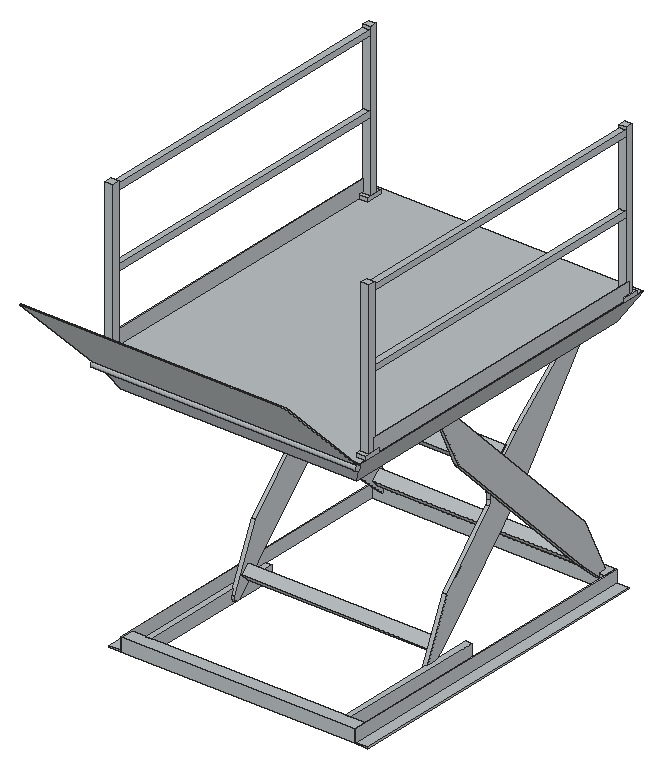
Revit family "DockEquipment_Lift_Pentalift_HED", category Specialty Equipment, Revit 2026
Family settings
  Round Connector Dimension = Use Diameter
  Part Type = Normal
  Work Plane-Based = Yes
  Enable Cutting in Views = No
  Always vertical = No
  Cut with Voids When Loaded = No
  Maintain Annotation Orientation = No
  Shared = No
  Room Calculation Point = No
Parameters
  offset [instance] = 0' - 0"
  Warranty Duration (Years) = 0
  Unit Width = 6' - 0"
  Unit Length = 8' - 0"
  Unit Height = 3' - 6"
  URL = "http://www.pentalift.com/index.php"
  Support Angle [instance] = asin((Platform Height - 0' 6 3/4") / 7' 0 97/128")  # 49.2919°
  Specification = ""
  SpecWizard = ""
  Send Message = "http://www.arcat.com/users.pl?action=UserEmail&company=Pentalift Equipment Corp.&coid=34752&rep=119&fax=519-763-2894&mf="
  Sales Information = "http://www.pentalift.com/about-us.htm"
  Revision = "R1_01-2012"
  Product Properties = ""
  Product Data = "http://www.arcat.com/arcatcos/cos34/arc34752.html"
  Platform Height [instance] = 5' - 11"
  Model = "As Specified"
  Material [instance] = Metal - Steel - Pentalift - Painted - Gray
  Manufacturer Website = "http://www.pentalift.com/index.php"
  Manufacturer Phone - Toll Free = ""
  Manufacturer Phone = "519-763-3625 "
  Manufacturer Fax = "519-763-2894"
  Manufacturer Address = "21 Nicholas Beaver Rd. Guelph, ON, Canada N1H 6H9 "
  Manufacturer = "Pentalift Equipment Corp."
  Maintenance Schedule (Months) = 0
  Lip Length [instance] = 3' - 0"
  Lip Angle [instance] = 45.00°
  Keynote = "11160"
  Installation-Fabrication = ""
  Installation Phase = ""
  Green Building-LEED = ""
  Expected Lifespan (Years) = 0
  Drawn By = "Sumex Design, Inc. / Robert S. Weygant, CSI, CDT, SCIP"
  Description = "Pentalift Dock Equipment as Specified"
  Default Elevation = 4' - 0"
  Copyright = "©Arcat Inc."
  Construction Details = "http://www.arcat.com/details/pentalif/pentalif.html?coid=34752"
  Capacity (Weight) = 0.00 kip
  Assembly Code = "E1030300"
Reference planes (in)
  plane 1 "Center (Front/Back)": y = 0
  plane 2 "Bottom": z = 0
  plane 3 "Center (Left/Right)": x = 0
  plane 4 "Front": y = -48
  plane 5 "Back": y = 48
  plane 6 "Left": x = -36
  plane 7 "Right": x = 36
  plane 8 "Top": z = 71
  plane 9: x = -35.25
  plane 10: x = 35.25
  plane 11: y = 44.25
  plane 12: y = -44.25
  plane 13: z = 1.75
  plane 14: y = 42.5
  plane 15: z = 66
Forms (in)
  Extrusion 1, solid, material "Metal - Steel - Pentalift - Painted - Gray" <- "Material"
    sketch origin (-38.56132, 44.25, 48) x (-1, 0, 0) y (0, 0, 1)
      loop
        line (-3.31132, -48) -> (-3.31132, -47.75) -> (-6.56132, -47.75) -> (-6.56132, -44.5) -> (-6.81132, -44.5) -> (-6.81132, -48) -> (-3.31132, -48)
      loop
        line (-73.81132, -48) -> (-70.31132, -48) -> (-70.31132, -44.5) -> (-70.56132, -44.5) -> (-70.56132, -47.75) -> (-73.81132, -47.75) -> (-73.81132, -48)
    from 0 to -88.5
  Extrusion 2, solid, material "Metal - Steel - Pentalift - Painted - Gray" <- "Material"
    sketch origin (-35.25, 55.3623, 48) x (0, 1, 0) y (0, 0, 1)
      loop
        line (-11.1123, -44.5) -> (-14.6123, -44.5) -> (-14.6123, -48) -> (-11.1123, -48) -> (-11.1123, -44.5)
      loop
        line (-99.6123, -44.5) -> (-99.6123, -48) -> (-96.1123, -48) -> (-96.1123, -44.5) -> (-99.6123, -44.5)
    from 3.5 to 67
  Extrusion 3, solid, material "Metal - Steel - Pentalift - Painted - Gray" <- "Material"
    sketch origin (0, 42.5, 1.75) x (0, -0.652205, 0.758042) y (0, -0.758042, -0.652205)
      loop
        line (16.26645, -5.66929) -> (84.85552, -1.31924)
        arc (84.85552, -1.31924) -> (86.07373, -0.12287) -> (85.09781, 1.27817) r 1.32296
        line (85.09781, 1.27817) -> (68.65382, 5.66929) -> (8.77413, 1.87161) -> (-0.26522, 0.76007)
        arc (-0.26522, 0.76007) -> (-1.08838, -0.09154) -> (-0.4278, -1.07463) r 0.94178
        line (-0.4278, -1.07463) -> (16.26645, -5.66929)
    from -29.75 to -28.75
  Extrusion 4, solid, material "Metal - Steel - Pentalift - Painted - Gray" <- "Material"
    sketch origin (0, 42.5, 66) x (0, -0.652205, -0.758042) y (0, 0.758042, -0.652205)
      loop
        line (40.62321, 4.0376) -> (-0.07315, 0.97061)
        arc (-0.07315, 0.97061) -> (-0.96612, 0.11853) -> (-0.3056, -0.92414) r 0.97336
        line (-0.3056, -0.92414) -> (3.2343, -2.09474) -> (30.86682, -6.61624) -> (44.13491, -7.45773) -> (46.38498, -4.9224)
        arc (46.38498, -4.9224) -> (46.93548, -4.53116) -> (47.60181, -4.42107) r 1.5
        line (47.60181, -4.42107) -> (68.55971, -5.75026) -> (85.03566, -0.96024)
        arc (85.03566, -0.96024) -> (85.75185, 0.09626) -> (84.84649, 0.99594) r 1
        line (84.84649, 0.99594) -> (76.05203, 1.79064) -> (40.62321, 4.0376)
    from -26.375 to -25.375
  Extrusion 5, solid, material "Metal - Steel - Pentalift - Painted - Gray" <- "Material"
    sketch origin (0, 42.5, 66) x (0, -0.652205, -0.758042) y (0, 0.758042, -0.652205)
      loop
        line (40.62321, 4.0376) -> (-0.07315, 0.97061)
        arc (-0.07315, 0.97061) -> (-0.96612, 0.11853) -> (-0.3056, -0.92414) r 0.97336
        line (-0.3056, -0.92414) -> (3.2343, -2.09474) -> (30.86682, -6.61624) -> (44.13491, -7.45773) -> (46.38498, -4.9224)
        arc (46.38498, -4.9224) -> (46.93548, -4.53116) -> (47.60181, -4.42107) r 1.5
        line (47.60181, -4.42107) -> (68.55971, -5.75026) -> (85.03566, -0.96024)
        arc (85.03566, -0.96024) -> (85.75185, 0.09626) -> (84.84649, 0.99594) r 1
        line (84.84649, 0.99594) -> (76.05203, 1.79064) -> (40.62321, 4.0376)
    from 25.375 to 26.375
  Extrusion 6, solid, material "Metal - Steel - Pentalift - Painted - Gray" <- "Material"
    sketch origin (0, 42.5, 1.75) x (0, -0.652205, 0.758042) y (0, -0.758042, -0.652205)
      loop
        line (16.26645, -5.66929) -> (84.85552, -1.31924)
        arc (84.85552, -1.31924) -> (86.07373, -0.12287) -> (85.09781, 1.27817) r 1.32296
        line (85.09781, 1.27817) -> (68.65382, 5.66929) -> (8.77413, 1.87161) -> (-0.26522, 0.76007)
        arc (-0.26522, 0.76007) -> (-1.08838, -0.09154) -> (-0.4278, -1.07463) r 0.94178
        line (-0.4278, -1.07463) -> (16.26645, -5.66929)
    from 28.75 to 29.75
  Extrusion 7, solid, material "Metal - Steel - Pentalift - Painted - Gray" <- "Material"
    sketch origin (0, 43.25, 66) x (0, -0.652205, -0.758042) y (0, 0.758042, -0.652205)
      loop
        line (35.05363, -3.41125) -> (34.80046, -7.40323) -> (40.78842, -7.78299) -> (41.0416, -3.79101) -> (35.05363, -3.41125)
    from -25.375 to 25.375
  Extrusion 8, solid, material "Metal - Steel - Pentalift - Painted - Gray" <- "Material"
    sketch origin (0, 45, 1.75) x (0, -0.652205, 0.758042) y (0, -0.758042, -0.652205)
      loop
        line (6.20304, 2.64511) -> (6.20304, -0.34648) -> (9.20304, -0.34648) -> (9.20304, 2.64511) -> (6.20304, 2.64511)
    from -28.75 to 28.75
  Extrusion 9, solid, material "Metal - Steel - Pentalift - Painted - Gray" <- "Material"
    sketch origin (0, 43.25, 66) x (0, -0.652205, -0.758042) y (0, 0.758042, -0.652205)
      loop
        line (78.06189, 0.54754) -> (77.87201, -2.44644) -> (80.86599, -2.63633) -> (81.05587, 0.35766) -> (78.06189, 0.54754)
    from -25.375 to 25.375
  Extrusion 10, solid, material "Metal - Steel - Pentalift - Painted - Gray" <- "Material"
    sketch origin (-38.56132, -44.25, 48) x (-1, 0, 0) y (0, 0, 1)
      loop
        line (-12.18632, -44.5) -> (-12.18632, -48) -> (-10.68632, -48) -> (-10.68632, -44.5) -> (-12.18632, -44.5)
      loop
        line (-64.93632, -44.5) -> (-66.43632, -44.5) -> (-66.43632, -48) -> (-64.93632, -48) -> (-64.93632, -44.5)
    from 3.5 to 44.25
Lines and regions (in)
  reference lines
    curve 1: line (0, 42.5, 66) -> (0, -17.5029, -3.73988)
    curve 2: line (0, 42.5, 1.75) -> (0, -24.02496, 79.07031)
Dimensions and locks (in)
  equal spacing: plane 6 "Left", plane 3 "Center (Left/Right)", plane 7 "Right"
  "Unit Width": plane 6 "Left" to plane 7 "Right"
  equal spacing: plane 5 "Back", plane 1 "Center (Front/Back)", plane 4 "Front"
  "Unit Length": plane 5 "Back" to plane 4 "Front"
  "Platform Height": plane 8 "Top" to level
  locked: plane 10 to plane 7 "Right" at 0.75
  locked: plane 6 "Left" to plane 9 at 0.75
  locked: plane 12 to plane 4 "Front" at 3.75
  locked: plane 5 "Back" to plane 11 at 3.75
  locked: Extrusion 2 to plane 10 at 3.5
  locked: plane 13 to level at 1.75
  locked: plane 11 to plane 14 at 1.75
  locked: plane 8 "Top" to plane 15 at 5
  Extrusion 4 to Extrusion 4 to Extrusion 3 to Extrusion 3 to plane 9 = 0' - 1" locked, 0' - 2 3/8" locked, 0' - 1" locked, 0' - 5 1/2" locked
  Extrusion 5 to Extrusion 5 to Extrusion 6 to Extrusion 6 to plane 10 = 0' - 1" locked, 0' - 2 3/8" locked, 0' - 1" locked, 0' - 5 1/2" locked
  locked: plane 10 to Extrusion 7 at 9.875
  locked: plane 9 to Extrusion 7 at 9.875
  locked: plane 9 to Extrusion 8 at 6.5
  locked: plane 10 to Extrusion 8 at 6.5
  locked: plane 10 to Extrusion 9 at 9.875
  locked: plane 9 to Extrusion 9 at 9.875
  "Support Angle": angle curve 1 to plane 15
  "Support Angle": angle plane 13 to curve 2
  aligned and locked: Extrusion 1 to plane 12
  aligned and locked: plane 1 "Center (Front/Back)" to nested 1
  aligned and locked: nested 1 to plane 3 "Center (Left/Right)"
  aligned and locked: Extrusion 10 to plane 1 "Center (Front/Back)"
Automatic sketch dimensions
  Extrusion 1 sketch curve to level = 0' - 0"  (x2)
  Extrusion 1 sketch curve to plane 10 = 0' - 0"
  Extrusion 1 sketch curve to plane 9 = 0' - 0"
  plane 10 to Extrusion 1 sketch curve = 0' - 3 1/4"
  Extrusion 1 sketch curve to Extrusion 1 sketch curve = 0' - 0 1/4"  (x3)
  plane 9 to Extrusion 1 sketch curve = 0' - 3 1/2"
  level to Extrusion 1 sketch curve = 0' - 0 1/4"
  plane 13 to Extrusion 1 sketch curve = 0' - 1 3/4"  (x2)
  Extrusion 2 sketch curve to level = 0' - 0"  (x2)
  Extrusion 2 sketch curve to plane 12 = 0' - 0"
  Extrusion 2 sketch curve to plane 11 = 0' - 0"
  plane 12 to Extrusion 2 sketch curve = 0' - 3 1/2"
  plane 14 to Extrusion 2 sketch curve = 0' - 1 3/4"
  plane 13 to Extrusion 2 sketch curve = 0' - 1 3/4"  (x2)
  Extrusion 3 sketch curve to curve 2 = 0' - 0"
  Extrusion 3 sketch curve to curve 2 = 0' - 0.4278"
  Extrusion 3 sketch curve to Extrusion 3 sketch curve = 0' - 0"
  Extrusion 3 sketch curve to curve 2 = 0' - 0.26522"
  Extrusion 3 sketch curve to curve 2 = 0' - 0.15028"
  Extrusion 3 sketch curve to curve 2 = 0' - 1.87161"
  curve 2 to Extrusion 3 sketch curve = 0' - 8.77413"
  curve 2 to Extrusion 3 sketch curve = 0' - 5.66929"
  Extrusion 3 sketch curve to Extrusion 3 sketch curve = 0' - 7.49232"
  Extrusion 3 sketch curve to curve 2 = 0' - 5.66929"
  Extrusion 3 sketch curve to curve 2 = 2' - 9.34618"
  Extrusion 3 sketch curve to Extrusion 3 sketch curve = 1' - 4.10267"
  curve 2 to Extrusion 3 sketch curve = 0' - 1.31924"
  Extrusion 3 sketch curve to Extrusion 3 sketch curve = 0' - 0.09903"
  Extrusion 3 sketch curve to curve 2 = 0' - 1.27817"
  Extrusion 3 sketch curve to curve 2 = 0' - 1.07463"
  Extrusion 3 sketch curve to curve 2 = 0' - 0.17467"
  Extrusion 4 sketch curve to curve 1 = 0' - 0"  (x3)
  Extrusion 4 sketch curve to curve 1 = 0' - 0.07315"
  Extrusion 4 sketch curve to curve 1 = 0' - 0.3056"
  Extrusion 4 sketch curve to Extrusion 4 sketch curve = 0' - 0"  (x2)
  curve 1 to Extrusion 4 sketch curve = 0' - 3.2343"
  curve 1 to Extrusion 4 sketch curve = 0' - 6.61624"
  Extrusion 4 sketch curve to Extrusion 4 sketch curve = 2' - 3.63252"
  Extrusion 4 sketch curve to curve 1 = 0' - 4.0376"
  Extrusion 4 sketch curve to Extrusion 4 sketch curve = 0' - 9.75639"
  curve 1 to Extrusion 4 sketch curve = 0' - 7.45773"
  Extrusion 4 sketch curve to Extrusion 4 sketch curve = 0' - 3 131/256"
  Extrusion 4 sketch curve to Extrusion 4 sketch curve = 0' - 2.25007"
  Extrusion 4 sketch curve to Extrusion 4 sketch curve = 0' - 1.1219"
  curve 1 to Extrusion 4 sketch curve = 0' - 4.42107"
  Extrusion 4 sketch curve to Extrusion 4 sketch curve = 0' - 1.21684"
  curve 1 to Extrusion 4 sketch curve = 0' - 5.75026"
  Extrusion 4 sketch curve to Extrusion 4 sketch curve = 1' - 8.95789"
  Extrusion 4 sketch curve to curve 1 = 0' - 1.79064"
  Extrusion 4 sketch curve to Extrusion 4 sketch curve = 0' - 7.49232"
  Extrusion 4 sketch curve to curve 1 = 0' - 7.24351"
  Extrusion 4 sketch curve to curve 1 = 0' - 0.99594"
  Extrusion 4 sketch curve to Extrusion 4 sketch curve = 0' - 0.09"
  curve 1 to Extrusion 4 sketch curve = 0' - 0.96024"
  Extrusion 4 sketch curve to Extrusion 4 sketch curve = 0' - 1.49699"
  curve 1 to Extrusion 4 sketch curve = 0' - 2.09474"
  Extrusion 4 sketch curve to curve 1 = 0' - 0.92414"
  Extrusion 5 sketch curve to curve 1 = 0' - 0"  (x3)
  Extrusion 5 sketch curve to curve 1 = 0' - 0.07315"
  Extrusion 5 sketch curve to curve 1 = 0' - 0.3056"
  Extrusion 5 sketch curve to Extrusion 5 sketch curve = 0' - 0"  (x2)
  curve 1 to Extrusion 5 sketch curve = 0' - 3.2343"
  curve 1 to Extrusion 5 sketch curve = 0' - 6.61624"
  Extrusion 5 sketch curve to Extrusion 5 sketch curve = 2' - 3.63252"
  Extrusion 5 sketch curve to curve 1 = 0' - 4.0376"
  Extrusion 5 sketch curve to Extrusion 5 sketch curve = 0' - 9.75639"
  curve 1 to Extrusion 5 sketch curve = 0' - 7.45773"
  Extrusion 5 sketch curve to Extrusion 5 sketch curve = 0' - 3 131/256"
  Extrusion 5 sketch curve to Extrusion 5 sketch curve = 0' - 2.25007"
  Extrusion 5 sketch curve to Extrusion 5 sketch curve = 0' - 1.1219"
  curve 1 to Extrusion 5 sketch curve = 0' - 4.42107"
  Extrusion 5 sketch curve to Extrusion 5 sketch curve = 0' - 1.21684"
  curve 1 to Extrusion 5 sketch curve = 0' - 5.75026"
  Extrusion 5 sketch curve to Extrusion 5 sketch curve = 1' - 8.95789"
  Extrusion 5 sketch curve to curve 1 = 0' - 1.79064"
  Extrusion 5 sketch curve to Extrusion 5 sketch curve = 0' - 7.49232"
  Extrusion 5 sketch curve to curve 1 = 0' - 7.24351"
  Extrusion 5 sketch curve to curve 1 = 0' - 0.99594"
  Extrusion 5 sketch curve to Extrusion 5 sketch curve = 0' - 0.09"
  curve 1 to Extrusion 5 sketch curve = 0' - 0.96024"
  Extrusion 5 sketch curve to Extrusion 5 sketch curve = 0' - 1.49699"
  curve 1 to Extrusion 5 sketch curve = 0' - 2.09474"
  Extrusion 5 sketch curve to curve 1 = 0' - 0.92414"
  Extrusion 6 sketch curve to curve 2 = 0' - 0"
  Extrusion 6 sketch curve to curve 2 = 0' - 0.4278"
  Extrusion 6 sketch curve to Extrusion 6 sketch curve = 0' - 0"
  Extrusion 6 sketch curve to curve 2 = 0' - 0.26522"
  Extrusion 6 sketch curve to curve 2 = 0' - 0.15028"
  Extrusion 6 sketch curve to curve 2 = 0' - 1.87161"
  curve 2 to Extrusion 6 sketch curve = 0' - 8.77413"
  curve 2 to Extrusion 6 sketch curve = 0' - 5.66929"
  Extrusion 6 sketch curve to Extrusion 6 sketch curve = 0' - 7.49232"
  Extrusion 6 sketch curve to curve 2 = 0' - 5.66929"
  Extrusion 6 sketch curve to curve 2 = 2' - 9.34618"
  Extrusion 6 sketch curve to Extrusion 6 sketch curve = 1' - 4.10267"
  curve 2 to Extrusion 6 sketch curve = 0' - 1.31924"
  Extrusion 6 sketch curve to Extrusion 6 sketch curve = 0' - 0.09903"
  Extrusion 6 sketch curve to curve 2 = 0' - 1.27817"
  Extrusion 6 sketch curve to curve 2 = 0' - 1.07463"
  Extrusion 6 sketch curve to curve 2 = 0' - 0.17467"
  curve 1 to Extrusion 7 sketch curve = 0' - 6.83469"
  curve 1 to Extrusion 7 sketch curve = 2' - 10.3113"
  curve 1 to Extrusion 7 sketch curve = 0' - 2.84271"
  Extrusion 7 sketch curve to Extrusion 7 sketch curve = 0' - 0.25318"
  curve 1 to Extrusion 7 sketch curve = 0' - 7.21446"
  curve 2 to Extrusion 8 sketch curve = 0' - 2.24159"
  curve 2 to Extrusion 8 sketch curve = 0' - 4.57253"
  Extrusion 8 sketch curve to curve 2 = 0' - 0 3/4"
  Extrusion 8 sketch curve to Extrusion 8 sketch curve = 0' - 3"
  curve 1 to Extrusion 9 sketch curve = 0' - 1.87791"
  Extrusion 9 sketch curve to curve 1 = 1' - 2.61715"
  Extrusion 9 sketch curve to curve 1 = 0' - 1.11607"
  Extrusion 9 sketch curve to Extrusion 9 sketch curve = 0' - 0.18988"
  curve 1 to Extrusion 9 sketch curve = 0' - 2.0678"
  Extrusion 10 sketch curve to level = 0' - 0"  (x2)
  plane 13 to Extrusion 10 sketch curve = 0' - 1 3/4"  (x2)
  plane 10 to Extrusion 10 sketch curve = 0' - 7 3/8"
  Extrusion 10 sketch curve to Extrusion 10 sketch curve = 0' - 1 1/2"  (x2)
  plane 9 to Extrusion 10 sketch curve = 0' - 8 7/8"
  curve 2 to plane 13 = 0' - 0"
  curve 2 to plane 14 = 0' - 0"
  curve 1 to plane 14 = 0' - 0"
  curve 1 to plane 15 = 0' - 0"
Nested families (in)
  nested 1: "Platform_LiftStandard" at (0, 0, 71), Material <- "Material", Unit Width <- "Unit Width", Unit Length <- "Unit Length", Lip Length <- "Lip Length", Lip Angle <- "Lip Angle", type "Platform_LiftStandard"
    with offset 0' - 0", ll 2' - 11 5/16", Unit Width 6' - 0", Unit Length 8' - 0", Unit Height 3' - 6", Material Metal - Steel - Pentalift - Painted - Gray, Lip Length 3' - 0", Lip Angle 45.00°
Definition of nested family "Platform_LiftStandard"
  Parameters
    offset [instance] = 0' - 0"
    ll [instance] = Lip Length - 0' 0 11/16"  # 2' - 11 5/16"
    Warranty Duration (Years) = 0
    Unit Width [instance] = 6' - 0"
    Unit Length [instance] = 8' - 0"
    Unit Height [instance] = 3' - 6"
    URL = "http://www.pentalift.com/index.php"
    Specification = ""
    SpecWizard = ""
    Send Message = "http://www.arcat.com/users.pl?action=UserEmail&company=Pentalift Equipment Corp.&coid=34752&rep=119&fax=519-763-2894&mf="
    Sales Information = "http://www.pentalift.com/about-us.htm"
    Revision = "R1_01-2012"
    Product Properties = ""
    Product Data = "http://www.arcat.com/arcatcos/cos34/arc34752.html"
    Model = "As Specified"
    Material [instance] = none
    Manufacturer Website = "http://www.pentalift.com/index.php"
    Manufacturer Phone - Toll Free = ""
    Manufacturer Phone = "519-763-3625 "
    Manufacturer Fax = "519-763-2894"
    Manufacturer Address = "21 Nicholas Beaver Rd. Guelph, ON, Canada N1H 6H9 "
    Manufacturer = "Pentalift Equipment Corp."
    Maintenance Schedule (Months) = 0
    Lip Length [instance] = 3' - 0"
    Lip Angle [instance] = 45.00°
    Keynote = "11160"
    Installation-Fabrication = ""
    Installation Phase = ""
    Green Building-LEED = ""
    Expected Lifespan (Years) = 0
    Drawn By = "Sumex Design, Inc. / Robert S. Weygant, CSI, CDT, SCIP"
    Description = "Pentalift Dock Equipment as Specified"
    Default Elevation = 4' - 0"
    Copyright = "©Arcat Inc."
    Construction Details = "http://www.arcat.com/details/pentalif/pentalif.html?coid=34752"
    Assembly Code = "E1030300"
  Reference planes (in)
    plane 1 "Center (Front/Back)": y = 0
    plane 2 "Bottom": z = 0
    plane 3 "Center (Left/Right)": x = 0
    plane 4 "Front": y = -48
    plane 5 "Back": y = 48
    plane 6 "Left": x = -36
    plane 7 "Right": x = 36
    plane 8 "Top": z = 42
    plane 9: z = -7.2186
    plane 10: x = -34.75
    plane 11: x = 34.75
    plane 12: y = -43.75
    plane 13: y = 43.75
    plane 14: y = -48.6875
    plane 15: z = -0.6875
  Forms (in)
    Extrusion 1, solid, material <- "Material"
      sketch origin (0, 0, 0) x (1, 0, 0) y (0, 1, 0)
        loop
          line (-36, 48) -> (-36, -48) -> (36, -48) -> (36, 48) -> (-36, 48)
      from 0 to -0.25
    Sweep 2, solid, material <- "Material"
      path origin (0, 0, 0) x (1, 0, 0) y (0, 1, 0)
        loop
          line (-36, 48) -> (-36, -48) -> (36, -48) -> (36, 48) -> (-36, 48)
      profile origin (0, 48, 0) x (0, 1, 0) y (0, 0, 1)
        loop
          line (-3.9483, -7.2186) -> (0, -0.25) -> (-0.28734, -0.25) -> (-4.16581, -7.09536) -> (-3.9483, -7.2186)
    Extrusion 3, solid, material <- "Material"
      sketch origin (-34.75, 55.3623, 48) x (0, 1, 0) y (0, 0, 1)
        loop
          line (-14.1123, -47.75) -> (-14.1123, -46.75) -> (-12.1123, -46.75) -> (-12.1123, -43.75) -> (-98.6123, -43.75) -> (-98.6123, -46.75) -> (-96.6123, -46.75) -> (-96.6123, -47.75) -> (-14.1123, -47.75)
      from -1 to -1.25
    Extrusion 4, solid, material <- "Material"
      sketch origin (0, 0, 0) x (1, 0, 0) y (0, 1, 0)
        loop
          line (-36, 46) -> (-36, 41.5) -> (-33.5, 41.5) -> (-33.5, 46) -> (-36, 46)
        loop
          line (-36, -46) -> (-33.5, -46) -> (-33.5, -41.5) -> (-36, -41.5) -> (-36, -46)
        loop
          line (36, 46) -> (33.5, 46) -> (33.5, 41.5) -> (36, 41.5) -> (36, 46)
        loop
          line (36, -46) -> (36, -41.5) -> (33.5, -41.5) -> (33.5, -46) -> (36, -46)
      from 0 to 1
    Extrusion 5, solid, material <- "Material"
      sketch origin (0, 0, 0) x (1, 0, 0) y (0, 1, 0)
        loop
          line (-35.75, 44.75) -> (-35.75, 42.75) -> (-33.75, 42.75) -> (-33.75, 44.75) -> (-35.75, 44.75)
        loop
          line (35.75, 44.75) -> (33.75, 44.75) -> (33.75, 42.75) -> (35.75, 42.75) -> (35.75, 44.75)
        loop
          line (-35.75, -44.75) -> (-33.75, -44.75) -> (-33.75, -42.75) -> (-35.75, -42.75) -> (-35.75, -44.75)
        loop
          line (35.75, -44.75) -> (35.75, -42.75) -> (33.75, -42.75) -> (33.75, -44.75) -> (35.75, -44.75)
      from 0 to 42
    Extrusion 6, solid, material <- "Material"
      sketch origin (34.75, -56.16774, 48) x (0, -1, 0) y (0, 0, 1)
        loop
          line (-97.41774, -47.75) -> (-14.91774, -47.75) -> (-14.91774, -46.75) -> (-12.91774, -46.75) -> (-12.91774, -43.75) -> (-99.41774, -43.75) -> (-99.41774, -46.75) -> (-97.41774, -46.75) -> (-97.41774, -47.75)
      from -1 to -1.25
    Extrusion 7, solid, material <- "Material"
      sketch origin (33.75, -43.75, 48) x (-1, 0, 0) y (0, 0, 1)
        loop
          line (69.3125, -6.75) -> (67.6875, -6.75) -> (67.6875, -8.375) -> (69.3125, -8.375) -> (69.3125, -6.75)
        loop
          line (69.3125, -26.5) -> (67.6875, -26.5) -> (67.6875, -28.125) -> (69.3125, -28.125) -> (69.3125, -26.5)
        loop
          line (-1.8125, -6.75) -> (-1.8125, -8.375) -> (-0.1875, -8.375) -> (-0.1875, -6.75) -> (-1.8125, -6.75)
        loop
          line (-1.8125, -26.5) -> (-1.8125, -28.125) -> (-0.1875, -28.125) -> (-0.1875, -26.5) -> (-1.8125, -26.5)
      from 0 to 87.5
    Extrusion 8, solid, material <- "Material"
      sketch origin (-34.75, -48.6875, -0.6875) x (0, -0.707107, 0.707107) y (0, -0.707107, -0.707107)
        loop
          arc (0.53033, -0.4375) -> (-0.29315, 0.62187) -> (0, -0.6875) r 0.6875
          line (0, -0.6875) -> (35.3125, -0.6875) -> (35.3125, -0.4375) -> (0.53033, -0.4375)
      from -1.25 to 70.75
  Cuts and joins
    joined: Extrusion 1, Sweep 2
    joined: Extrusion 4, Extrusion 5, Extrusion 7
  Lines and regions (in)
    reference lines
      curve 1: line (-34.75, -48.6875, -0.6875) -> (-34.75, -81.92152, 32.54652)
  Dimensions and locks (in)
    equal spacing: plane 6 "Left", plane 3 "Center (Left/Right)", plane 7 "Right"
    "Unit Width": plane 6 "Left" to plane 7 "Right"
    equal spacing: plane 5 "Back", plane 1 "Center (Front/Back)", plane 4 "Front"
    "Unit Length": plane 5 "Back" to plane 4 "Front"
    "Unit Height": plane 8 "Top" to level
    locked: level to plane 9 at 7.2186
    locked: plane 11 to plane 7 "Right" at 1.25
    locked: plane 6 "Left" to plane 10 at 1.25
    locked: plane 5 "Back" to plane 13 at 4.25
    locked: plane 12 to plane 4 "Front" at 4.25
    locked: plane 4 "Front" to plane 14 at 0.6875
    locked: level to plane 15 at 0.6875
    "ll": curve 1 to Extrusion 8 sketch curve
    "Lip Angle": angle plane 15 to curve 1
    aligned and locked: plane 8 "Top" to Extrusion 5
    aligned and locked: plane 13 to Extrusion 7
    aligned and locked: Extrusion 8 to plane 6 "Left"
    aligned and locked: Extrusion 8 to plane 7 "Right"
  Automatic sketch dimensions
    Extrusion 1 sketch curve to plane 4 "Front" = 0' - 0"
    Extrusion 1 sketch curve to plane 6 "Left" = 0' - 0"
    Extrusion 1 sketch curve to plane 7 "Right" = 0' - 0"
    Extrusion 1 sketch curve to plane 5 "Back" = 0' - 0"
    Sweep 2 sketch curve to plane 4 "Front" = 0' - 0"
    Sweep 2 sketch curve to plane 6 "Left" = 0' - 0"
    Sweep 2 sketch curve to plane 7 "Right" = 0' - 0"
    Sweep 2 sketch curve to plane 5 "Back" = 0' - 0"
    Sweep 2 sketch curve to profile plane = 0' - 0"
    profile plane to Sweep 2 sketch curve = 0' - 3.9483"
    Sweep 2 sketch curve to Sweep 2 sketch curve = 0' - 0.21751"
    Sweep 2 sketch curve to Sweep 2 sketch curve = 0' - 0.12324"
    Sweep 2 sketch curve to level = 0' - 0 1/4"
    Extrusion 4 sketch curve to plane 6 "Left" = 0' - 0"  (x2)
    Extrusion 4 sketch curve to plane 7 "Right" = 0' - 0"  (x2)
    plane 10 to Extrusion 4 sketch curve = 0' - 1 1/4"  (x2)
    plane 11 to Extrusion 4 sketch curve = 0' - 1 1/4"  (x2)
    plane 4 "Front" to Extrusion 4 sketch curve = 0' - 2"  (x2)
    Extrusion 4 sketch curve to Extrusion 4 sketch curve = 0' - 4 1/2"  (x2)
    Extrusion 4 sketch curve to plane 5 "Back" = 0' - 6 1/2"  (x2)
    Extrusion 4 sketch curve to plane 5 "Back" = 0' - 2"  (x2)
    plane 6 "Left" to Extrusion 5 sketch curve = 0' - 0 1/4"  (x2)
    plane 10 to Extrusion 5 sketch curve = 0' - 1"  (x2)
    plane 11 to Extrusion 5 sketch curve = 0' - 1"  (x2)
    Extrusion 5 sketch curve to plane 7 "Right" = 0' - 0 1/4"  (x2)
    plane 4 "Front" to Extrusion 5 sketch curve = 0' - 3 1/4"  (x2)
    Extrusion 5 sketch curve to Extrusion 5 sketch curve = 0' - 2"  (x4)
    Extrusion 5 sketch curve to plane 5 "Back" = 0' - 5 1/4"  (x2)
    level to Extrusion 3 sketch curve = 0' - 0 1/4"
    plane 4 "Front" to Extrusion 3 sketch curve = 0' - 6 3/4"
    Extrusion 3 sketch curve to Extrusion 3 sketch curve = 0' - 2"  (x2)
    Extrusion 3 sketch curve to plane 5 "Back" = 0' - 6 3/4"
    Extrusion 3 sketch curve to Extrusion 3 sketch curve = 0' - 1"  (x2)
    Extrusion 3 sketch curve to Extrusion 3 sketch curve = 0' - 3"
    Extrusion 6 sketch curve to plane 5 "Back" = 0' - 4 3/4"
    Extrusion 6 sketch curve to Extrusion 6 sketch curve = 0' - 2"  (x2)
    level to Extrusion 6 sketch curve = 0' - 0 1/4"
    plane 4 "Front" to Extrusion 6 sketch curve = 0' - 6 3/4"
    Extrusion 6 sketch curve to Extrusion 6 sketch curve = 0' - 1"  (x2)
    Extrusion 6 sketch curve to Extrusion 6 sketch curve = 0' - 3"
    Extrusion 7 sketch curve to plane 7 "Right" = 0' - 0 7/16"  (x2)
    plane 11 to Extrusion 7 sketch curve = 0' - 0 13/16"  (x2)
    plane 10 to Extrusion 7 sketch curve = 0' - 0 13/16"  (x2)
    plane 6 "Left" to Extrusion 7 sketch curve = 0' - 0 7/16"  (x2)
    level to Extrusion 7 sketch curve = 1' - 7 7/8"  (x2)
    Extrusion 7 sketch curve to Extrusion 7 sketch curve = 0' - 1 5/8"  (x2)
    Extrusion 7 sketch curve to plane 8 "Top" = 0' - 2 3/8"  (x2)
    Extrusion 7 sketch curve to plane 8 "Top" = 0' - 0 3/4"  (x2)
    curve 1 to plane 14 = 0' - 0"
    curve 1 to plane 15 = 0' - 0"
    Extrusion 8 sketch curve to curve 1 = 0' - 0"  (x3)
    curve 1 to Extrusion 8 sketch curve = 0' - 0.53033"
    curve 1 to Extrusion 8 sketch curve = 0' - 0 7/16"
